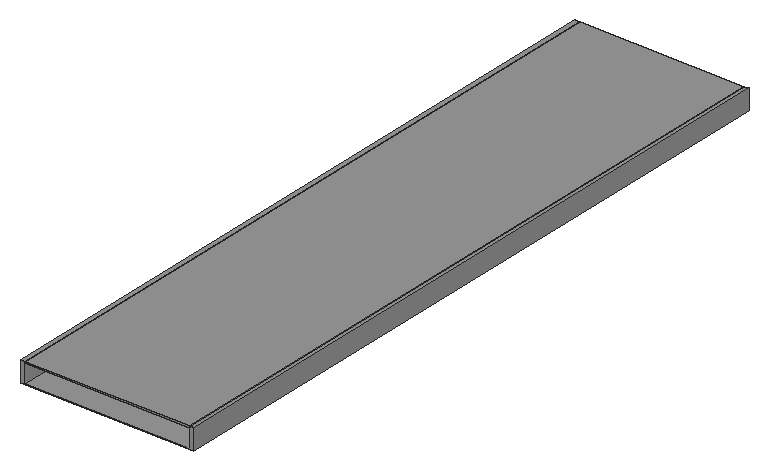
Revit family "OKA-W, Kanaleinheit, blind, Höhe 40-70mm", category Generic Models, Revit 2015
Parameters (values of type "OKA-W6004030")
  Width = 600 mm
  URL = "http://www.obo-bettermann.com"
  Material = Steel, Galvanized
  Manufacturer Art. No. = "7424408"
  Manufacturer = "OBO Bettermann"
  Length [instance] = 2400 mm
  HeightCalc [instance] = if(Height < 40 mm, 40 mm, (if(Height > 70 mm, 70 mm, Height)))  # 70 mm
  Height [instance] = 140 mm
  GTIN = "4012195244189\r\n4012195244189"
  Article Type = "OKA-W6004030"
Types (6, lengths in mm): name | Width | Manufacturer Art. No. | GTIN | Article Type
  (no name) | 600 | "7424408" | "4012195244189\r\n4012195244189" | "OKA-W6004030"
  OKA-W2004030 | 200 | "7424400" | "4012195244127" | "OKA-W2004030"
  OKA-W3004030 | 300 | "7424402" | "4012195244134" | "OKA-W3004030"
  OKA-W4004030 | 400 | "7424404" | "4012195244141\r\n\r\n4012195244141\r\n4012195244141" | "OKA-W4004030"
  OKA-W5004030 | 500 | "7424406" | "4012195244172\r\n4012195244172" | "OKA-W5004030"
  OKA-W6004030 | 600 | "7424408" | "4012195244189\r\n4012195244189" | "OKA-W6004030"
Reference planes
  plane 1 "Center (Front/Back)": y = 0
  plane 2: z = 0
  plane 3 "Center (Left/Right)": x = 0
  plane 4: z = 70
  plane 5: y = -2400
  plane 6: x = 300
  plane 7: x = -300
Forms (mm)
  Extrusion 1, solid, material "Aluminum 6061"
    sketch origin (0, 0, 0) x (1, 0, 0) y (0, 0, 1)
      loop
        line (285, 70) -> (285, 1) -> (-285, 1) -> (-285, 70) -> (-300, 70) -> (-300, 0) -> (300, 0) -> (300, 70) -> (285, 70)
    from 0 to 2400
  Extrusion 2, solid, material "Steel, Galvanized" <- "Material"
    sketch origin (0, 0, 0) x (1, 0, 0) y (0, 0, 1)
      loop
        line (285, 66) -> (285, 70) -> (-285, 70) -> (-285, 66) -> (285, 66)
    from 0 to 2400
Lines and regions (mm)
  model lines
    curve 1: line (-300, 0, 70) -> (-285, 0, 70)
    curve 2: line (-285, 0, 70) -> (-285, 0, 0)
    curve 3: line (-285, 0, 0) -> (-535, 0, 0)
    curve 4: line (-535, 0, 0) -> (-535, 0, 1)
    curve 5: line (-535, 0, 1) -> (-300, 0, 1)
    curve 6: line (-300, 0, 1) -> (-300, 0, 70)
    curve 7: line (285, 0, 70) -> (285, 0, 0)
    curve 8: line (285, 0, 0) -> (535, 0, 0)
    curve 9: line (535, 0, 0) -> (535, 0, 1)
    curve 10: line (535, 0, 1) -> (300, 0, 1)
    curve 11: line (300, 0, 1) -> (300, 0, 70)
    curve 12: line (300, 0, 70) -> (285, 0, 70)
    curve 13: line (285, 0, 70) -> (285, 0, 0)
    curve 14: line (-285, 0, 0) -> (-285, 0, 70)
    curve 15: line (-285, 0, 70) -> (285, 0, 70)
    curve 16: line (-285, 0, 66) -> (285, 0, 66)
Dimensions and locks
  locked: curve 5 to curve 3 at 1
  locked: curve 2 to curve 6 at 15
  locked: curve 10 to curve 8 at 1
  locked: curve 2 to curve 4 at 250
  locked: curve 9 to curve 7 at 250
  locked: curve 11 to curve 7 at 15
  "Length": plane 1 "Center (Front/Back)" to plane 5
  equal spacing: plane 7, plane 3 "Center (Left/Right)", plane 6
  "Width": plane 7 to plane 6
  "HeightCalc": level to plane 4
  locked: curve 16 to curve 15 at 4
  aligned and locked: level to plane 2
  aligned and locked: level to curve 3
  aligned and locked: curve 6 to plane 7
  aligned and locked: curve 11 to plane 6
  aligned and locked: plane 4 to curve 1
  aligned and locked: curve 8 to level
  aligned and locked: Extrusion 1 sketch curve to curve 13
  aligned and locked: Extrusion 1 sketch curve to curve 12
  aligned and locked: Extrusion 1 sketch curve to curve 11
  aligned and locked: Extrusion 1 sketch curve to curve 6
  aligned and locked: curve 14 to Extrusion 1 sketch curve
  aligned and locked: Extrusion 1 sketch curve to curve 1
  aligned and locked: Extrusion 1 to plane 5
  aligned and locked: Extrusion 2 sketch curve to curve 16
  aligned and locked: Extrusion 2 sketch curve to curve 15
  aligned and locked: Extrusion 2 sketch curve to curve 2
  aligned and locked: Extrusion 2 sketch curve to curve 7
  aligned and locked: Extrusion 2 to plane 5
  aligned and locked: curve 5 to Extrusion 1 sketch curve
Automatic sketch dimensions
  Extrusion 1 sketch curve to level = 0 mm
